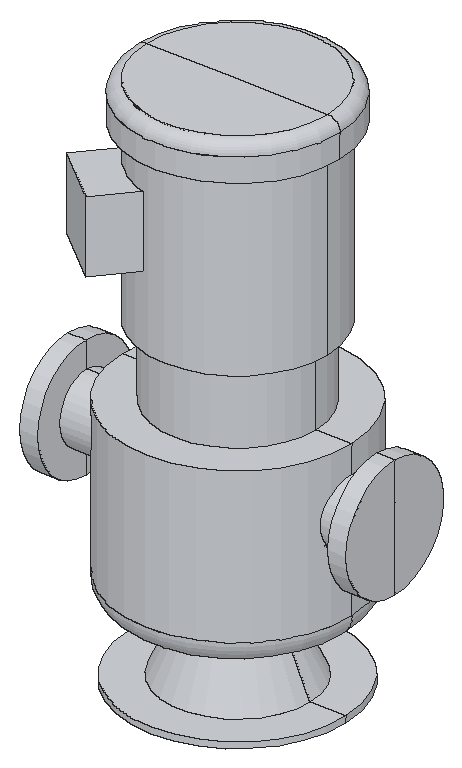
Revit family "c4df9a3c333542739a7a1cd7dc465b68", category Mechanical Equipment, Revit 2021
Family settings
  Round Connector Dimension = Use Radius
  Classification = Pump
  Part Type = Normal
  OmniClass Number = 23.60.30.21
  OmniClass Title = Pumps
  Work Plane-Based = No
  Always vertical = Yes
  Cut with Voids When Loaded = No
  Shared = No
  Room Calculation Point = No
Parameters (values of type "2" x 2" x 6A")
  Voltage [instance] = 230 V
  Symbol Radius = Motor Radius  # 4 1/4"
  Suction to Discharge = 13 1/2"
  Suction Nominal Radius = Discharge Nominal Radius  # 1"
  Pump Material = none
  Number of Poles [instance] = 2
  Load Classification = Appliance - Dwelling Unit
  Length 1 = Motor Radius * 1.25  # 5 5/16"
  Height = 15 3/4"
  Flow [instance] = 254 GPM
  Flange Thickness = 191/256"
  Flange Radius = Flange Diameter / 2  # 2 1/2"
  Flange Diameter = 5"
  Discharge Nominal Radius = 1"
  Discharge Nominal Diameter = Discharge Nominal Radius * 2  # 2"
  Discharge Height = 4 225/256"
  Discharge Body Radius = Discharge Nominal Radius * 1.15 + 1/4"  # 1.4"
  Motor Radius = Motor Diameter / 2  # 4 1/4"
  Motor Diameter = 8 1/2"
  Default Elevation = 0"
  Center to Discharge = 6 1/2"
  Base Height = 3 15/256"
  Base Diameter = 9"
  Apparent Load [instance] = 0 VA
Reference planes (in)
  plane 1 "Center (Front/Back)": y = 0
  plane 2: z = 0
  plane 3 "Center (Left/Right)": x = 0
  plane 4: z = 22.2875
  plane 5: z = 7.9375
  plane 6: x = -4.5
  plane 7: x = 4.5
  plane 8 "base top": z = 0.25
  plane 9: z = 3.05859
  plane 10: z = 19.325
  plane 11: z = 6.5375
  plane 12: z = 13.4
  plane 13: x = -7
  plane 14: z = 10.4375
  plane 15: z = 16.3625
  plane 16: x = 6.5
  plane 17: z = 20.80625
Forms (in)
  Revolve 1, solid, material <- "Pump Material"
    sketch origin (0, 0, 0) x (1, 0, 0) y (0, 0, 1)
      loop
        line (0, 0) -> (0, 22.2875) -> (-3.75, 22.2875)
        arc (-3.75, 22.2875) -> (-4.10355, 22.14105) -> (-4.25, 21.7875) r 0.5
        line (-4.25, 21.7875) -> (-4.25, 20.80625) -> (-3.75, 20.80625) -> (-3.75, 13.4) -> (-3.25, 13.4) -> (-3.25, 10.4375) -> (-4.75, 10.4375) -> (-4.75, 4.05859)
        arc (-4.75, 4.05859) -> (-4.45711, 3.35149) -> (-3.75, 3.05859) r 1
        line (-3.75, 3.05859) -> (-1.69033, 3.05859) -> (-3, 0.25) -> (-4.5, 0.25) -> (-4.5, 0) -> (0, 0)
      axis (0, 22.2875) -> (0, 0)
    angle from 0 to 360
  Revolve 2, solid, material <- "Pump Material"
    sketch origin (0, 0, 0) x (1, 0, 0) y (0, 0, 1)
      loop
        line (-7, 10.4375) -> (-7, 7.9375) -> (6.5, 7.9375) -> (6.5, 10.4375) -> (5.75391, 10.4375) -> (5.75391, 9.3375) -> (-6.25391, 9.3375) -> (-6.25391, 10.4375) -> (-7, 10.4375)
      axis (-7, 7.9375) -> (6.5, 7.9375)
    angle from 0 to 360
  Extrusion 3, solid, not visible
    sketch origin (0, 0, 0) x (0, 1, 0) y (0, 0, 1)
      loop
        circle (0, 7.9375) r 1
    from -7 to 6.5
  Extrusion 4, solid, material <- "Pump Material"
    sketch origin (0, 0, 0) x (-0.766044, 0.642788, 0) y (-0.642788, -0.766044, 0)
      loop
        line (1.5, 0) -> (1.5, 5.3125) -> (-1.5, 5.3125) -> (-1.5, 0) -> (1.5, 0)
    from 16.3625 to 19.325
Lines and regions (in)
  Masking region 1, detail levels fine
    outline origin (0, 0, 0) x (1, 0, 0) y (0, 1, 0)
      loop
        arc (-4.17133, -1.4) -> (0, -4.4) -> (4.17133, -1.4) r 4.4
        line (4.17133, -1.4) -> (5.75391, -1.4) -> (5.75391, -2.5) -> (6.5, -2.5) -> (6.5, 2.5) -> (5.75391, 2.5) -> (5.75391, 1.4) -> (4.17133, 1.4)
        arc (4.17133, 1.4) -> (0, 4.4) -> (-4.17133, 1.4) r 4.4
        line (-4.17133, 1.4) -> (-6.25391, 1.4) -> (-6.25391, 2.5) -> (-7, 2.5) -> (-7, -0.00925) -> (-7, -2.5) -> (-6.25391, -2.5) -> (-6.25391, -1.4) -> (-4.17133, -1.4)
  symbolic lines, detail levels fine
    curve 1: circle (0, 0, 0) r 4.4 normal (0, 0, 1)
    curve 2: circle (0, 0, 0) r 4.4 normal (0, 0, 1)
    curve 3: line (-6.25391, 1.4, 0) -> (-6.25391, -1.4, 0)
    curve 4: line (5.75391, 1.4, 0) -> (5.75391, -1.4, 0)
    curve 5: circle (0, 0, 0) r 3 normal (0, 0, 1)
  reference lines, not visible
    curve 6: line (0, 0, 0) -> (-3.25569, 2.73185, 0)
Dimensions and locks (in)
  "Height": plane 4 to plane 11
  "Discharge Height": plane 5 to plane 9
  equal spacing: plane 7, plane 3 "Center (Left/Right)", plane 6
  "Base Diameter": plane 7 to plane 6
  locked: plane 8 "base top" to level at 0.25
  "Base Height": plane 9 to level
  "Flange Radius": Revolve 2 sketch curve to Revolve 2 sketch curve
  "Discharge Body Radius": plane 5 to plane 11
  "Discharge Body Radius": Revolve 2 sketch curve to Revolve 2 sketch curve
  "Flange Radius": Masking region 1 sketch curve to plane 1 "Center (Front/Back)"  (x2)
  "Flange Thickness": plane 13 to Masking region 1 sketch curve
  "Discharge Body Radius": Masking region 1 sketch curve to plane 1 "Center (Front/Back)"  (x2)
  "Flange Radius": plane 14 to plane 5
  equal spacing: plane 4, plane 10, plane 15, plane 12, plane 14
  Revolve 1 sketch curve to Revolve 1 sketch curve = 1 1/2"
  "Motor Radius": Revolve 1 sketch curve to Revolve 1 sketch curve
  locked: Revolve 1 sketch curve to Revolve 1 sketch curve at 0.5  (x3)
  "Center to Discharge": plane 16 to plane 3 "Center (Left/Right)"
  "Suction to Discharge": plane 16 to plane 13
  "Flange Thickness": Revolve 2 sketch curve to Revolve 2 sketch curve  (x2)
  equal spacing: plane 4, plane 17, plane 10
  "Length 1": Extrusion 4 sketch curve to Extrusion 4 sketch curve
  radius of Revolve 1 sketch curve = 1"
  radius of Revolve 1 sketch curve = 1/2"
  radius of Extrusion 3 sketch curve = 1"
  locked: curve 6 to plane 1 "Center (Front/Back)" (angle 40.00°)
  aligned and locked: Revolve 1 sketch curve to plane 3 "Center (Left/Right)"
  aligned and locked: level to Revolve 1 sketch curve
  aligned and locked: Revolve 2 sketch curve to plane 5
  aligned and locked: Revolve 2 sketch curve to Revolve 2 sketch curve
  aligned and locked: Masking region 1 sketch curve to Masking region 1 sketch curve  (x7)
  aligned and locked: Revolve 1 sketch curve to plane 8 "base top"
  aligned and locked: plane 9 to Revolve 1 sketch curve
  aligned and locked: Revolve 1 sketch curve to Revolve 1 sketch curve
  aligned and locked: plane 4 to Revolve 1 sketch curve
  aligned and locked: Revolve 2 sketch curve to plane 13
  aligned and locked: Revolve 2 sketch curve to plane 16
  aligned and locked: Revolve 1 sketch curve to plane 17
  aligned and locked: Revolve 1 sketch curve to plane 12
  aligned and locked: nested 1 to plane 1 "Center (Front/Back)"
  aligned and locked: Masking region 1 sketch curve to plane 13
  aligned and locked: Masking region 1 sketch curve to plane 16
  aligned and locked: Masking region 1 sketch curve to curve 1  (x2)
  aligned and locked: curve 2 to Masking region 1
  aligned and locked: Masking region 1 to curve 3  (x2)
  aligned and locked: Masking region 1 to curve 4  (x3)
  aligned and locked: curve 3 to Masking region 1
  aligned and locked: plane 1 "Center (Front/Back)" to Extrusion 3 sketch curve
  aligned and locked: plane 5 to Extrusion 3 sketch curve
  aligned and locked: Extrusion 3 to plane 13
  aligned and locked: plane 16 to Extrusion 3
  aligned and locked: Revolve 1 sketch curve to plane 14
  aligned and locked: plane 10 to Extrusion 4
  aligned and locked: Extrusion 4 to plane 15
  aligned and locked: Extrusion 4 to plane 10
  aligned and locked: plane 1 "Center (Front/Back)" to curve 6
  aligned and locked: plane 3 "Center (Left/Right)" to curve 6
  aligned and locked: Extrusion 4 sketch curve to curve 6
Automatic sketch dimensions
  plane 1 "Center (Front/Back)" to curve 2 = 0"
  curve 2 to plane 3 "Center (Left/Right)" = 0"
  plane 13 to curve 3 = 191/256"
  curve 4 to plane 16 = 191/256"
  plane 1 "Center (Front/Back)" to curve 4 = 1.4"
  plane 1 "Center (Front/Back)" to curve 3 = 1.4"
  curve 4 to plane 1 "Center (Front/Back)" = 1.4"
  curve 3 to plane 1 "Center (Front/Back)" = 1.4"
  curve 1 to curve 5 = 0"  (x2)
  Revolve 1 sketch curve to plane 6 = 0"
  Revolve 1 sketch curve to plane 3 "Center (Left/Right)" = 1.69033"
  Revolve 1 sketch curve to Revolve 1 sketch curve = 3.86576"
  Revolve 1 sketch curve to Revolve 1 sketch curve = 21.44283"
  Revolve 2 sketch curve to plane 14 = 0"
  Revolve 2 sketch curve to plane 13 = 6.76464"
  Revolve 2 sketch curve to plane 16 = 0.16856"
  Masking region 1 sketch curve to plane 16 = 191/256"  (x2)
  plane 1 "Center (Front/Back)" to Masking region 1 sketch curve = 0.00925"
  Extrusion 4 sketch curve to curve 6 = 1 1/2"
  curve 6 to Extrusion 4 sketch curve = 1 1/2"
  radius of curve 1 = 4.4"
  radius of curve 2 = 4.4"
Nested families (in)
  nested 1: "Pump Symbol" at (0, 0, 0) x (0, 1, 0) z (0, 0, 1), Symbol Radius <- "Symbol Radius", type "Pump Symbol", detail levels coarse+medium
    with Symbol Radius 4 1/4", Symbol Length 2 3.68061", Symbol Length 1 2 1/8"
Connectors (in)
  piping at (-7, 0, 7.9375), diameter 2, driven by "Flow", driven by "Suction Nominal Radius"
    settings: on Extrusion 3, index 1, connector inside diameter 24", connector length 0", flow factor 0, pipe flow 254 GPM, pressure drop 0.00 psi, fitting loss kfactor 0, connector angle 0.00°, fixture units 0, engagement length 0", angle of deflection 0.00°, flow configuration 0, flow direction 1, fitting loss method 0, system type 29, joint type 0, gender type 0, connector reference index 2, connector utility 0, adjustable connector no, is connector primary yes, connector description "In"
  piping at (6.5, 0, 7.9375), diameter 2, driven by "Flow", driven by "Discharge Nominal Radius"
    settings: on Extrusion 3, index 2, connector inside diameter 24", connector length 0", flow factor 0, pipe flow 254 GPM, pressure drop 0.00 psi, fitting loss kfactor 0, connector angle 0.00°, fixture units 0, engagement length 0", angle of deflection 0.00°, flow configuration 0, flow direction 2, fitting loss method 0, system type 29, joint type 0, gender type 0, connector reference index 1, connector utility 0, adjustable connector no, is connector primary no, connector description "Out"
  electrical at (-3.41481, -4.06961, 17.84375), driven by "Number of Poles", driven by "Load Classification", driven by "Voltage", driven by "Apparent Load"
    settings: on Extrusion 4, index 3, voltage 230 V, apparent load 0 VA, apparent load phase1 0 VA, apparent load phase2 0 VA, apparent load phase3 0 VA, power factor 0.8, load classification "Appliance - Dwelling Unit", number of poles 2, system type 30, power factor state 1, is connector primary yes, connector utility no, sub classification motor no, connector description "Power"
Definition of nested family "Pump Symbol"
  Parameters (values of type "Pump Symbol")
    Symbol Radius [instance] = 24"
    Symbol Length 2 [instance] = cos(30.00°) * Symbol Radius  # 20.78461"
    Symbol Length 1 [instance] = sin(30.00°) * Symbol Radius  # 12"
  Reference planes (in)
    plane 1 "Center (Front/Back)": y = 0
    plane 2: z = 0
    plane 3 "Center (Left/Right)": x = 0
    plane 4: y = 12
    plane 5: y = -24
    plane 6: x = -20.78461
    plane 7: x = 20.78461
  Lines and regions (in)
    Filled region 1, type "Concrete Block", in view "Ref. Level"
      outline origin (0, 0, 0) x (1, 0, 0) y (0, 1, 0)
        loop
          line (-20.78461, 12) -> (0, -24) -> (20.78461, 12) -> (-20.78461, 12)
    detail lines, in view "Ref. Level"
      curve 1: circle (0, 0, 0) r 24 normal (0, 0, 1)
  Dimensions and locks (in)
    "Symbol Radius": plane 1 "Center (Front/Back)" to plane 5
    "Symbol Length 1": plane 4 to plane 1 "Center (Front/Back)"
    "Symbol Length 2": plane 6 to plane 3 "Center (Left/Right)"
    "Symbol Length 2": plane 3 "Center (Left/Right)" to plane 7
    "Symbol Radius": radius of curve 1
    aligned and locked: plane 3 "Center (Left/Right)" to curve 1
    aligned and locked: plane 1 "Center (Front/Back)" to curve 1
  Automatic sketch dimensions
    Filled region 1 sketch curve to plane 4 = 0"
    Filled region 1 sketch curve to plane 6 = 0"
    Filled region 1 sketch curve to plane 3 "Center (Left/Right)" = 0"
    Filled region 1 sketch curve to plane 7 = 0"
    Filled region 1 sketch curve to plane 5 = 0"
